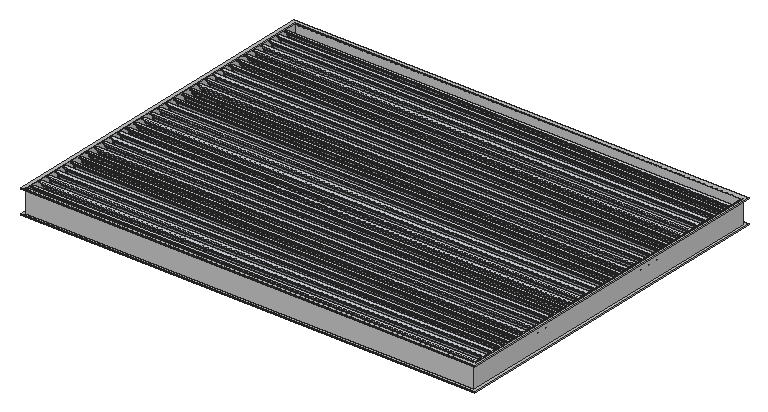
Revit family "Louver-Channel_Frame-Carnes-Wind_Driven_Rain-FRWB", category Air Terminals, host Face, Revit 2012
Parameters (values of type "(See Type Catalog)")
  ecoScorecard_data = ""
  ecoScorecard Product Page = "http://ecoscorecard.com/"
  Wall Thickness Cut [instance] = 0' - 10 125/128"
  URL = "http://www.carnes.com/index.html"
  Subcategory = "Louvers and Dampers"
  Specifications  URL = "http://www.carnes.com/Louvers/pdf/17141.pdf"
  Product Page URL = "http://www.carnes.com/Louvers/FRWB-FSWB.htm"
  Product Line = "Wind Driven Rain Louvers"
  Pressure Drop = 0.00 Pa
  Point of Water Penetration = 1250 FPM
  Outside Width = Louver Width Control + 0' 0 3/4" * 2  # 8' - 1 1/2"
  Outside Height = Louver Height Control + 0' 0 3/4" * 2  # 6' - 1 1/2"
  Model = "FRWB"
  Minimum Size = "12\"W x 12\"H"
  Meets Building Code Standards = "See Catalog URL"
  Maximum Size Note = "120\"W x 84\"H or 84\"W x 120\"H"
  Manufacturer = "Carnes Company"
  Louver Width Control = if(Louver Width < 1' 0", 1' 0", if(Louver Width > 10' 0", 10' 0", Louver Width))  # 8' - 0"
  Louver Height Control = if(Louver Height < 1' 0", 1' 0", if(Louver Height > 10' 0", 10' 0", Louver Height))  # 6' - 0"
  Free Area Note = "See Spec Sheet URL"
  Free Area = 0.00 SF
  Description = "Wind Driven Rain Louvers"
  Connector Description 1 = "Duct Connetor"
  Blades Quantity [instance] = (Louver Height Control - (Blade Offset from Frame - 0' 0 3/4")) / 0' 2 1/8"  # 33
  Manufacturer Phone = "608-845-6411"
  Manufacturer Fax = "608-845-6470"
  Manufacturer Email = "mailto:carnes@carnes.com"
  Manufacturer Address = "448 S. Main St., P. O. Box 930040, Verona, WI 53593-0040"
  Louver Width = 8' - 0"
  Louver Length = 0' - 5 13/128"
  Louver Height = 6' - 0"
  Blades Length [instance] = Louver Length - (0' 0.13" * 2)  # 0' - 4.84156"
  Frame Material = Aluminum - Carnes - Extruded
  Default Elevation = 4' - 0"
  Cost Info = "mailto:carnes@carnes.com"
  Catalog URL = "http://www.carnes.com/Louvers/pdf/f56-58.pdf"
  Symbol Blades Quantity = Louver Width / 0' 3" - (3 / 4 * 2)  # 31
  Blade Offset from Frame [instance] = 0' - 2 1/2"
  Blade Material = Aluminum - Carnes - Extruded
  Assembly Code = "D3090700"
  Airflow = 0 CFM
  95 CSI = "10200"
  04 CSI = "08 91 00"
Reference planes (in)
  plane 1 "Center (Elevation)": y = 0
  plane 2: z = 0
  plane 3 "Center (Left/Right)": x = 0
  plane 4 "Rear": z = -5.10156
  plane 5: z = -0.125
  plane 6: z = -4.97656
  plane 7: z = -2.55078
  plane 8: x = -48
  plane 9: x = 48
  plane 10: x = -48.75
  plane 11: x = 48.75
  plane 12: y = 36
  plane 13: y = -36
  plane 14: y = 36.75
  plane 15: y = -36.75
  plane 16 "Blade CL": y = 34.25
  plane 17: z = -10.97656
Forms (in)
  Extrusion 1, solid, material "Aluminum - Carnes - Extruded" <- "Frame Material"
    sketch origin (0, 0, 0) x (1, 0, 0) y (0, 1, 0)
      loop
        line (-48.75, 36.75) -> (-48.75, -36.75) -> (48.75, -36.75) -> (48.75, 36.75) -> (-48.75, 36.75)
      loop
        line (-48, 36) -> (-48, -36) -> (48, -36) -> (48, 36) -> (-48, 36)
    from -0.125 to 0
  Extrusion 2, solid, material "Aluminum - Carnes - Extruded" <- "Frame Material"
    sketch origin (0, 0, 0) x (1, 0, 0) y (0, 1, 0)
      loop
        line (-48.75, 36.75) -> (-48.75, -36.75) -> (48.75, -36.75) -> (48.75, 36.75) -> (-48.75, 36.75)
      loop
        line (-48, 36) -> (-48, -36) -> (48, -36) -> (48, 36) -> (-48, 36)
    from -5.10156 to -4.97656
  Extrusion 3, solid, material "Aluminum - Carnes - Extruded" <- "Frame Material"
    sketch origin (0, 0, 0) x (1, 0, 0) y (0, 1, 0)
      loop
        line (-48, 36) -> (-48, -36) -> (48, -36) -> (48, 36) -> (-48, 36)
      loop
        line (-48.125, 36.125) -> (-48.125, -36.125) -> (48.125, -36.125) -> (48.125, 36.125) -> (-48.125, 36.125)
    from -4.97656 to -0.125
  Sweep 4, void
    path origin (0, 0, 0) x (1, 0, 0) y (0, 0, 1)
      loop
        line (0, 0) -> (0, -10.97656)
    profile origin (0, 0, -5.48828) x (0, -1, 0) y (1, 0, 0)
      loop
        line (-36.75, -48.75) -> (36.75, -48.75) -> (36.75, 48.75) -> (-36.75, 48.75) -> (-36.75, -48.75)
Lines and regions (in)
  Masking region 1, detail levels coarse
    outline origin (0, 0, 0) x (1, 0, 0) y (0, 0, 1)
      loop
        line (48.75, 0) -> (-48.75, 0) -> (-48.75, -5.10156) -> (48.75, -5.10156) -> (48.75, 0)
  Masking region 2, detail levels medium+fine
    outline origin (0, 0, 0) x (1, 0, 0) y (0, 0, 1)
      loop
        line (48.75, 0) -> (-48.75, 0) -> (-48.75, -0.125) -> (-48.125, -0.125) -> (-48.125, -4.97656) -> (-48.75, -4.97656) -> (-48.75, -5.10156) -> (48.75, -5.10156) -> (48.75, -4.97656) -> (48.125, -4.97656) -> (48.125, -0.125) -> (48.75, -0.125) -> (48.75, 0)
  symbolic lines, detail levels fine
    curve 1: line (48.125, 0, -0.125) -> (-48.125, 0, -0.125)
    curve 2: line (48.125, 0, -4.97656) -> (-48.125, 0, -4.97656)
  symbolic lines
    curve 3: line (48, 0, -0.1875) -> (47.52861, 0, -0.1875)
    curve 4: line (44.96596, 0, -4.91406) -> (46.24728, 0, -2.55078)
    curve 5: line (46.24728, 0, -2.55078) -> (47.52861, 0, -0.1875)
    curve 6: line (44.96596, 0, -4.91406) -> (44.49457, 0, -4.91406)
    curve 7: line (45, 0, -0.1875) -> (44.52861, 0, -0.1875)
    curve 8: line (41.96596, 0, -4.91406) -> (43.24728, 0, -2.55078)
    curve 9: line (43.24728, 0, -2.55078) -> (44.52861, 0, -0.1875)
    curve 10: line (41.96596, 0, -4.91406) -> (41.49457, 0, -4.91406)
    curve 11: line (42, 0, -0.1875) -> (41.52861, 0, -0.1875)
    curve 12: line (38.96596, 0, -4.91406) -> (40.24728, 0, -2.55078)
    curve 13: line (40.24728, 0, -2.55078) -> (41.52861, 0, -0.1875)
    curve 14: line (38.96596, 0, -4.91406) -> (38.49457, 0, -4.91406)
    curve 15: line (39, 0, -0.1875) -> (38.52861, 0, -0.1875)
    curve 16: line (35.96596, 0, -4.91406) -> (37.24728, 0, -2.55078)
    curve 17: line (37.24728, 0, -2.55078) -> (38.52861, 0, -0.1875)
    curve 18: line (35.96596, 0, -4.91406) -> (35.49457, 0, -4.91406)
    curve 19: line (36, 0, -0.1875) -> (35.52861, 0, -0.1875)
    curve 20: line (32.96596, 0, -4.91406) -> (34.24728, 0, -2.55078)
    curve 21: line (34.24728, 0, -2.55078) -> (35.52861, 0, -0.1875)
    curve 22: line (32.96596, 0, -4.91406) -> (32.49457, 0, -4.91406)
    curve 23: line (33, 0, -0.1875) -> (32.52861, 0, -0.1875)
    curve 24: line (29.96596, 0, -4.91406) -> (31.24728, 0, -2.55078)
    curve 25: line (31.24728, 0, -2.55078) -> (32.52861, 0, -0.1875)
    curve 26: line (29.96596, 0, -4.91406) -> (29.49457, 0, -4.91406)
    curve 27: line (30, 0, -0.1875) -> (29.52861, 0, -0.1875)
    curve 28: line (26.96596, 0, -4.91406) -> (28.24728, 0, -2.55078)
    curve 29: line (28.24728, 0, -2.55078) -> (29.52861, 0, -0.1875)
    curve 30: line (26.96596, 0, -4.91406) -> (26.49457, 0, -4.91406)
    curve 31: line (27, 0, -0.1875) -> (26.52861, 0, -0.1875)
    curve 32: line (23.96596, 0, -4.91406) -> (25.24728, 0, -2.55078)
    curve 33: line (25.24728, 0, -2.55078) -> (26.52861, 0, -0.1875)
    curve 34: line (23.96596, 0, -4.91406) -> (23.49457, 0, -4.91406)
    curve 35: line (24, 0, -0.1875) -> (23.52861, 0, -0.1875)
    curve 36: line (20.96596, 0, -4.91406) -> (22.24728, 0, -2.55078)
    curve 37: line (22.24728, 0, -2.55078) -> (23.52861, 0, -0.1875)
    curve 38: line (20.96596, 0, -4.91406) -> (20.49457, 0, -4.91406)
    curve 39: line (21, 0, -0.1875) -> (20.52861, 0, -0.1875)
    curve 40: line (17.96596, 0, -4.91406) -> (19.24728, 0, -2.55078)
    curve 41: line (19.24728, 0, -2.55078) -> (20.52861, 0, -0.1875)
    curve 42: line (17.96596, 0, -4.91406) -> (17.49457, 0, -4.91406)
    curve 43: line (18, 0, -0.1875) -> (17.52861, 0, -0.1875)
    curve 44: line (14.96596, 0, -4.91406) -> (16.24728, 0, -2.55078)
    curve 45: line (16.24728, 0, -2.55078) -> (17.52861, 0, -0.1875)
    curve 46: line (14.96596, 0, -4.91406) -> (14.49457, 0, -4.91406)
    curve 47: line (15, 0, -0.1875) -> (14.52861, 0, -0.1875)
    curve 48: line (11.96596, 0, -4.91406) -> (13.24728, 0, -2.55078)
    curve 49: line (13.24728, 0, -2.55078) -> (14.52861, 0, -0.1875)
    curve 50: line (11.96596, 0, -4.91406) -> (11.49457, 0, -4.91406)
    curve 51: line (12, 0, -0.1875) -> (11.52861, 0, -0.1875)
    curve 52: line (8.96596, 0, -4.91406) -> (10.24728, 0, -2.55078)
    curve 53: line (10.24728, 0, -2.55078) -> (11.52861, 0, -0.1875)
    curve 54: line (8.96596, 0, -4.91406) -> (8.49457, 0, -4.91406)
    curve 55: line (9, 0, -0.1875) -> (8.52861, 0, -0.1875)
    curve 56: line (5.96596, 0, -4.91406) -> (7.24728, 0, -2.55078)
    curve 57: line (7.24728, 0, -2.55078) -> (8.52861, 0, -0.1875)
    curve 58: line (5.96596, 0, -4.91406) -> (5.49457, 0, -4.91406)
    curve 59: line (6, 0, -0.1875) -> (5.52861, 0, -0.1875)
    curve 60: line (2.96596, 0, -4.91406) -> (4.24728, 0, -2.55078)
    curve 61: line (4.24728, 0, -2.55078) -> (5.52861, 0, -0.1875)
    curve 62: line (2.96596, 0, -4.91406) -> (2.49457, 0, -4.91406)
    curve 63: line (3, 0, -0.1875) -> (2.52861, 0, -0.1875)
    curve 64: line (-0.03404, 0, -4.91406) -> (1.24728, 0, -2.55078)
    curve 65: line (1.24728, 0, -2.55078) -> (2.52861, 0, -0.1875)
    curve 66: line (-0.03404, 0, -4.91406) -> (-0.50543, 0, -4.91406)
    curve 67: line (0, 0, -0.1875) -> (-0.47139, 0, -0.1875)
    curve 68: line (-3.03404, 0, -4.91406) -> (-1.75272, 0, -2.55078)
    curve 69: line (-1.75272, 0, -2.55078) -> (-0.47139, 0, -0.1875)
    curve 70: line (-3.03404, 0, -4.91406) -> (-3.50543, 0, -4.91406)
    curve 71: line (-3, 0, -0.1875) -> (-3.47139, 0, -0.1875)
    curve 72: line (-6.03404, 0, -4.91406) -> (-4.75272, 0, -2.55078)
    curve 73: line (-4.75272, 0, -2.55078) -> (-3.47139, 0, -0.1875)
    curve 74: line (-6.03404, 0, -4.91406) -> (-6.50543, 0, -4.91406)
    curve 75: line (-6, 0, -0.1875) -> (-6.47139, 0, -0.1875)
    curve 76: line (-9.03404, 0, -4.91406) -> (-7.75272, 0, -2.55078)
    curve 77: line (-7.75272, 0, -2.55078) -> (-6.47139, 0, -0.1875)
    curve 78: line (-9.03404, 0, -4.91406) -> (-9.50543, 0, -4.91406)
    curve 79: line (-9, 0, -0.1875) -> (-9.47139, 0, -0.1875)
    curve 80: line (-12.03404, 0, -4.91406) -> (-10.75272, 0, -2.55078)
    curve 81: line (-10.75272, 0, -2.55078) -> (-9.47139, 0, -0.1875)
    curve 82: line (-12.03404, 0, -4.91406) -> (-12.50543, 0, -4.91406)
    curve 83: line (-12, 0, -0.1875) -> (-12.47139, 0, -0.1875)
    curve 84: line (-15.03404, 0, -4.91406) -> (-13.75272, 0, -2.55078)
    curve 85: line (-13.75272, 0, -2.55078) -> (-12.47139, 0, -0.1875)
    curve 86: line (-15.03404, 0, -4.91406) -> (-15.50543, 0, -4.91406)
    curve 87: line (-15, 0, -0.1875) -> (-15.47139, 0, -0.1875)
    curve 88: line (-18.03404, 0, -4.91406) -> (-16.75272, 0, -2.55078)
    curve 89: line (-16.75272, 0, -2.55078) -> (-15.47139, 0, -0.1875)
    curve 90: line (-18.03404, 0, -4.91406) -> (-18.50543, 0, -4.91406)
    curve 91: line (-18, 0, -0.1875) -> (-18.47139, 0, -0.1875)
    curve 92: line (-21.03404, 0, -4.91406) -> (-19.75272, 0, -2.55078)
    curve 93: line (-19.75272, 0, -2.55078) -> (-18.47139, 0, -0.1875)
    curve 94: line (-21.03404, 0, -4.91406) -> (-21.50543, 0, -4.91406)
    curve 95: line (-21, 0, -0.1875) -> (-21.47139, 0, -0.1875)
    curve 96: line (-24.03404, 0, -4.91406) -> (-22.75272, 0, -2.55078)
    curve 97: line (-22.75272, 0, -2.55078) -> (-21.47139, 0, -0.1875)
    curve 98: line (-24.03404, 0, -4.91406) -> (-24.50543, 0, -4.91406)
    curve 99: line (-24, 0, -0.1875) -> (-24.47139, 0, -0.1875)
    curve 100: line (-27.03404, 0, -4.91406) -> (-25.75272, 0, -2.55078)
    curve 101: line (-25.75272, 0, -2.55078) -> (-24.47139, 0, -0.1875)
    curve 102: line (-27.03404, 0, -4.91406) -> (-27.50543, 0, -4.91406)
    curve 103: line (-27, 0, -0.1875) -> (-27.47139, 0, -0.1875)
    curve 104: line (-30.03404, 0, -4.91406) -> (-28.75272, 0, -2.55078)
    curve 105: line (-28.75272, 0, -2.55078) -> (-27.47139, 0, -0.1875)
    curve 106: line (-30.03404, 0, -4.91406) -> (-30.50543, 0, -4.91406)
    curve 107: line (-30, 0, -0.1875) -> (-30.47139, 0, -0.1875)
    curve 108: line (-33.03404, 0, -4.91406) -> (-31.75272, 0, -2.55078)
    curve 109: line (-31.75272, 0, -2.55078) -> (-30.47139, 0, -0.1875)
    curve 110: line (-33.03404, 0, -4.91406) -> (-33.50543, 0, -4.91406)
    curve 111: line (-33, 0, -0.1875) -> (-33.47139, 0, -0.1875)
    curve 112: line (-36.03404, 0, -4.91406) -> (-34.75272, 0, -2.55078)
    curve 113: line (-34.75272, 0, -2.55078) -> (-33.47139, 0, -0.1875)
    curve 114: line (-36.03404, 0, -4.91406) -> (-36.50543, 0, -4.91406)
    curve 115: line (-36, 0, -0.1875) -> (-36.47139, 0, -0.1875)
    curve 116: line (-39.03404, 0, -4.91406) -> (-37.75272, 0, -2.55078)
    curve 117: line (-37.75272, 0, -2.55078) -> (-36.47139, 0, -0.1875)
    curve 118: line (-39.03404, 0, -4.91406) -> (-39.50543, 0, -4.91406)
    curve 119: line (-39, 0, -0.1875) -> (-39.47139, 0, -0.1875)
    curve 120: line (-42.03404, 0, -4.91406) -> (-40.75272, 0, -2.55078)
    curve 121: line (-40.75272, 0, -2.55078) -> (-39.47139, 0, -0.1875)
    curve 122: line (-42.03404, 0, -4.91406) -> (-42.50543, 0, -4.91406)
    curve 123: line (-42, 0, -0.1875) -> (-42.47139, 0, -0.1875)
    curve 124: line (-45.03404, 0, -4.91406) -> (-43.75272, 0, -2.55078)
    curve 125: line (-43.75272, 0, -2.55078) -> (-42.47139, 0, -0.1875)
    curve 126: line (-45.03404, 0, -4.91406) -> (-45.50543, 0, -4.91406)
Dimensions and locks (in)
  equal spacing: plane 15, plane 1 "Center (Elevation)", plane 14
  locked: plane 2 to plane 5 at 0.125
  locked: plane 6 to plane 4 "Rear" at 0.125
  "Louver Length": plane 2 to plane 4 "Rear"
  equal spacing: plane 5, plane 7, plane 6
  "Blade Offset from Frame": plane 14 to plane 16 "Blade CL"
  "Outside Height": plane 14 to plane 15
  equal spacing: plane 8, plane 3 "Center (Left/Right)", plane 9
  "Louver Width Control": plane 8 to plane 9
  equal spacing: plane 10, plane 3 "Center (Left/Right)", plane 11
  "Outside Width": plane 10 to plane 11
  equal spacing: plane 13, plane 1 "Center (Elevation)", plane 12
  "Louver Height Control": plane 13 to plane 12
  locked: curve 3 to plane 5 at 0.0625
  equal spacing: group 1, group 2, group 3, group 4, group 5, group 6, group 7, group 8, group 9, group 10, group 11, group 12, group 13, group 14, group 15, group 16, group 17, group 18, group 19, group 20, group 21, group 22, group 23, group 24, group 25, group 26, group 27, group 28, group 29, group 30, group 31, group 32, group 33  (x2)
  equal spacing: group 33, group 32, group 31, group 30, group 29, group 28, group 27, group 26, group 25, group 24, group 23, group 22, group 21, group 20, group 19, group 18, group 17, group 16, group 15, group 14, group 13, group 12, group 11, group 10, group 9, group 8, group 7, group 6, group 5, group 4, group 3, group 2, group 1
  locked: nested 1 to nested 2 at 2.125
  locked: plane 5 to nested 33 at 0.03168
  locked: plane 5 to nested 1 at 0.03168
  "Wall Thickness Cut": plane 2 to plane 17
  locked: curve 6 to plane 11 at 4.25543
  locked: curve 5 to plane 11 at 2.50272
  locked: plane 6 to curve 6 at 0.0625
  equal spacing: group 64, group 63, group 62, group 61, group 60, group 59, group 58, group 57, group 56, group 55, group 54, group 53, group 52, group 51, group 50, group 49, group 48, group 47, group 46, group 45, group 44, group 43, group 42, group 41, group 40, group 39, group 38, group 37, group 36, group 35, group 34
  equal spacing: group 34, group 35, group 36, group 37, group 38, group 39, group 40, group 41, group 42, group 43, group 44, group 45, group 46, group 47, group 48, group 49, group 50, group 51, group 52, group 53, group 54, group 55, group 56, group 57, group 58, group 59, group 60, group 61, group 62, group 63, group 64  (x2)
  locked: curve 5 to curve 9 at 3
  locked: curve 123 to plane 5 at 0.0625
  locked: plane 6 to curve 126 at 0.0625
  aligned and locked: plane 2 to host face
  aligned and locked: host face to level
  aligned and locked: plane 10 to Extrusion 1 sketch curve
  aligned and locked: Extrusion 1 sketch curve to plane 14
  aligned and locked: plane 15 to Extrusion 1 sketch curve
  aligned and locked: plane 11 to Extrusion 1 sketch curve
  aligned and locked: plane 8 to Extrusion 1 sketch curve
  aligned and locked: Extrusion 1 sketch curve to plane 12
  aligned and locked: plane 13 to Extrusion 1 sketch curve
  aligned and locked: plane 9 to Extrusion 1 sketch curve
  aligned and locked: Extrusion 1 to plane 5
  aligned and locked: plane 2 to Extrusion 1
  aligned and locked: Extrusion 2 sketch curve to Extrusion 1  (x6)
  aligned and locked: Extrusion 1 to Extrusion 2 sketch curve  (x2)
  aligned and locked: plane 6 to Extrusion 2
  aligned and locked: Extrusion 2 to plane 4 "Rear"
  aligned and locked: plane 8 to Extrusion 3 sketch curve
  aligned and locked: Extrusion 3 sketch curve to Extrusion 1  (x3)
  aligned and locked: plane 5 to Extrusion 3
  aligned and locked: Extrusion 3 to plane 6
  aligned and locked: plane 11 to Masking region 1 sketch curve
  aligned and locked: Masking region 1 sketch curve to plane 2
  aligned and locked: plane 4 "Rear" to Masking region 1 sketch curve
  aligned and locked: plane 10 to Masking region 1 sketch curve
  aligned and locked: Masking region 2 sketch curve to level
  aligned and locked: Masking region 2 sketch curve to plane 11  (x2)
  aligned and locked: plane 5 to Masking region 2 sketch curve  (x2)
  aligned and locked: Masking region 2 sketch curve to Extrusion 3  (x2)
  aligned and locked: plane 6 to Masking region 2 sketch curve  (x2)
  aligned and locked: plane 4 "Rear" to Masking region 2 sketch curve
  aligned and locked: Masking region 2 sketch curve to plane 10  (x2)
  aligned and locked: Extrusion 3 to curve 1  (x2)
  aligned and locked: curve 1 to plane 5
  aligned and locked: Extrusion 3 to curve 2  (x2)
  aligned and locked: curve 2 to plane 6
  aligned and locked: plane 7 to nested 1
  aligned and locked: plane 16 "Blade CL" to nested 1
  aligned and locked: plane 2 to Sweep 4 sketch curve
  aligned and locked: plane 17 to Sweep 4 sketch curve
  aligned and locked: Sweep 4 sketch curve to plane 3 "Center (Left/Right)"
  aligned and locked: plane 10 to Sweep 4 sketch curve
  aligned and locked: plane 11 to Sweep 4 sketch curve
  aligned and locked: Sweep 4 sketch curve to plane 14
  aligned and locked: Sweep 4 sketch curve to plane 15
Automatic sketch dimensions
  host sketch curve to host sketch curve = 10' - 2.28147"
  host sketch curve to host sketch curve = 14' - 5.35151"
  curve 4 to curve 5 = 0' - 2.68829"  (x4)
  curve 3 to curve 3 = 0' - 0.47139"
  Extrusion 3 sketch curve to plane 8 = 0' - 0 1/8"
  Extrusion 3 sketch curve to plane 9 = 0' - 0 1/8"
  plane 13 to Extrusion 3 sketch curve = 0' - 0 1/8"
  plane 12 to Extrusion 3 sketch curve = 0' - 0 1/8"
Nested families (in)
  nested 1: "Louver_Blade-Carnes" at (0, 29.38021, -2.55078) x (-1, 0, 0) z (0, 0, 1), type "Standard"
    with Width 8' - 0", Length 0' - 4.84156"
  nested 2: "Louver_Blade-Carnes" at (0, 27.25521, -2.55078) x (-1, 0, 0) z (0, 0, 1), type "Standard"
    with Width 8' - 0", Length 0' - 4.84156"
  nested 3: "Louver_Blade-Carnes" at (0, 25.13021, -2.55078) x (-1, 0, 0) z (0, 0, 1), type "Standard"
    with Width 8' - 0", Length 0' - 4.84156"
  nested 4: "Louver_Blade-Carnes" at (0, 23.00521, -2.55078) x (-1, 0, 0) z (0, 0, 1), type "Standard"
    with Width 8' - 0", Length 0' - 4.84156"
  nested 5: "Louver_Blade-Carnes" at (0, 20.88021, -2.55078) x (-1, 0, 0) z (0, 0, 1), type "Standard"
    with Width 8' - 0", Length 0' - 4.84156"
  nested 6: "Louver_Blade-Carnes" at (0, 18.75521, -2.55078) x (-1, 0, 0) z (0, 0, 1), type "Standard"
    with Width 8' - 0", Length 0' - 4.84156"
  nested 7: "Louver_Blade-Carnes" at (0, 16.63021, -2.55078) x (-1, 0, 0) z (0, 0, 1), type "Standard"
    with Width 8' - 0", Length 0' - 4.84156"
  nested 8: "Louver_Blade-Carnes" at (0, 14.50521, -2.55078) x (-1, 0, 0) z (0, 0, 1), type "Standard"
    with Width 8' - 0", Length 0' - 4.84156"
  nested 9: "Louver_Blade-Carnes" at (0, 12.38021, -2.55078) x (-1, 0, 0) z (0, 0, 1), type "Standard"
    with Width 8' - 0", Length 0' - 4.84156"
  nested 10: "Louver_Blade-Carnes" at (0, 10.25521, -2.55078) x (-1, 0, 0) z (0, 0, 1), type "Standard"
    with Width 8' - 0", Length 0' - 4.84156"
  nested 11: "Louver_Blade-Carnes" at (0, 8.13021, -2.55078) x (-1, 0, 0) z (0, 0, 1), type "Standard"
    with Width 8' - 0", Length 0' - 4.84156"
  nested 12: "Louver_Blade-Carnes" at (0, 6.00521, -2.55078) x (-1, 0, 0) z (0, 0, 1), type "Standard"
    with Width 8' - 0", Length 0' - 4.84156"
  nested 13: "Louver_Blade-Carnes" at (0, 3.88021, -2.55078) x (-1, 0, 0) z (0, 0, 1), type "Standard"
    with Width 8' - 0", Length 0' - 4.84156"
  nested 14: "Louver_Blade-Carnes" at (0, 1.75521, -2.55078) x (-1, 0, 0) z (0, 0, 1), type "Standard"
    with Width 8' - 0", Length 0' - 4.84156"
  nested 15: "Louver_Blade-Carnes" at (0, -0.36979, -2.55078) x (-1, 0, 0) z (0, 0, 1), type "Standard"
    with Width 8' - 0", Length 0' - 4.84156"
  nested 16: "Louver_Blade-Carnes" at (0, -2.49479, -2.55078) x (-1, 0, 0) z (0, 0, 1), type "Standard"
    with Width 8' - 0", Length 0' - 4.84156"
  nested 17: "Louver_Blade-Carnes" at (0, -4.61979, -2.55078) x (-1, 0, 0) z (0, 0, 1), type "Standard"
    with Width 8' - 0", Length 0' - 4.84156"
  nested 18: "Louver_Blade-Carnes" at (0, -6.74479, -2.55078) x (-1, 0, 0) z (0, 0, 1), type "Standard"
    with Width 8' - 0", Length 0' - 4.84156"
  nested 19: "Louver_Blade-Carnes" at (0, -8.86979, -2.55078) x (-1, 0, 0) z (0, 0, 1), type "Standard"
    with Width 8' - 0", Length 0' - 4.84156"
  nested 20: "Louver_Blade-Carnes" at (0, -10.99479, -2.55078) x (-1, 0, 0) z (0, 0, 1), type "Standard"
    with Width 8' - 0", Length 0' - 4.84156"
  nested 21: "Louver_Blade-Carnes" at (0, -13.11979, -2.55078) x (-1, 0, 0) z (0, 0, 1), type "Standard"
    with Width 8' - 0", Length 0' - 4.84156"
  nested 22: "Louver_Blade-Carnes" at (0, -15.24479, -2.55078) x (-1, 0, 0) z (0, 0, 1), type "Standard"
    with Width 8' - 0", Length 0' - 4.84156"
  nested 23: "Louver_Blade-Carnes" at (0, -17.36979, -2.55078) x (-1, 0, 0) z (0, 0, 1), type "Standard"
    with Width 8' - 0", Length 0' - 4.84156"
  nested 24: "Louver_Blade-Carnes" at (0, -19.49479, -2.55078) x (-1, 0, 0) z (0, 0, 1), type "Standard"
    with Width 8' - 0", Length 0' - 4.84156"
  nested 25: "Louver_Blade-Carnes" at (0, -21.61979, -2.55078) x (-1, 0, 0) z (0, 0, 1), type "Standard"
    with Width 8' - 0", Length 0' - 4.84156"
  nested 26: "Louver_Blade-Carnes" at (0, -23.74479, -2.55078) x (-1, 0, 0) z (0, 0, 1), type "Standard"
    with Width 8' - 0", Length 0' - 4.84156"
  nested 27: "Louver_Blade-Carnes" at (0, -25.86979, -2.55078) x (-1, 0, 0) z (0, 0, 1), type "Standard"
    with Width 8' - 0", Length 0' - 4.84156"
  nested 28: "Louver_Blade-Carnes" at (0, -27.99479, -2.55078) x (-1, 0, 0) z (0, 0, 1), type "Standard"
    with Width 8' - 0", Length 0' - 4.84156"
  nested 29: "Louver_Blade-Carnes" at (0, -30.11979, -2.55078) x (-1, 0, 0) z (0, 0, 1), type "Standard"
    with Width 8' - 0", Length 0' - 4.84156"
  nested 30: "Louver_Blade-Carnes" at (0, -32.24479, -2.55078) x (-1, 0, 0) z (0, 0, 1), type "Standard"
    with Width 8' - 0", Length 0' - 4.84156"
  nested 31: "Louver_Blade-Carnes" at (0, -34.36979, -2.55078) x (-1, 0, 0) z (0, 0, 1), type "Standard"
    with Width 8' - 0", Length 0' - 4.84156"
  nested 32: "Louver_Blade-Carnes" at (0, -36.49479, -2.55078) x (-1, 0, 0) z (0, 0, 1), type "Standard"
    with Width 8' - 0", Length 0' - 4.84156"
  nested 33: "Louver_Blade-Carnes" at (0, -38.61979, -2.55078) x (-1, 0, 0) z (0, 0, 1), type "Standard"
    with Width 8' - 0", Length 0' - 4.84156"
Connectors (in)
  hvac at (0, 0, -5.10156), driven by "Louver Height Control", driven by "Louver Width Control", driven by "Connector Description 1", driven by "Airflow", driven by "Pressure Drop"
    settings: on Extrusion 2, index 1, duct flow 0 CFM, flow factor 0, pres drop 0.00 Pa, loss coef 0, conn angle 0.00°, conn width 96", conn height 72", conn radius 12", duct sys type 29, conn prof type 1, flow config 0, flow direction 0, loss method 4, conn ref index -1, conn util no, is conn primary yes, conn desc "Duct Connetor"
Definition of nested family "Louver_Blade-Carnes"
  Parameters (values of type "Standard")
    Width = 6' - 0"
    Blade Material = Aluminum - Carnes - Extruded
    Length = 0' - 5.1"
    Assembly Code = ""
  Reference planes (in)
    plane 1 "Center (Front/Back)": y = -4.86979
    plane 2: z = 0
    plane 3 "Center (Left/Right)": x = 0
    plane 4: y = -2.31979
    plane 5: z = 2.55
    plane 6: z = -2.55
    plane 7: x = -36
    plane 8: x = 36
    plane 9: y = -7.41979
  Forms (in)
    Sweep 1, solid
      path origin (0, -4.77593, 4.77128) x (1, 0, 0) y (0, 0, 1)
        loop
          line (36, -4.86979) -> (-36, -4.86979)
      profile origin (0, -4.77593, -0.0985) x (0, 0, -1) y (0, -1, 0)
        loop
          line (2.30025, -1.21252) -> (2.30025, -0.63331)
          arc (2.30025, -0.63331) -> (2.23314, -0.46286) -> (2.06784, -0.38393) r 0.25
          arc (2.06784, -0.38393) -> (1.12104, -0.02063) -> (0.53802, 0.80913) r 1.7385
          arc (0.53802, 0.80913) -> (0.04782, 1.20512) -> (-0.514, 0.9197) r 0.57957
          line (-0.514, 0.9197) -> (-0.46992, 0.87562)
          arc (-0.46992, 0.87562) -> (0.03359, 1.14623) -> (0.481, 0.79045) r 0.51957
          arc (0.481, 0.79045) -> (0.58859, 0.53199) -> (0.73498, 0.29335) r 1.7985
          line (0.73498, 0.29335) -> (0.80738, 0.19367) -> (0.66627, 0.25528)
          arc (0.66627, 0.25528) -> (0.2198, 0.43981) -> (-0.26021, 0.49445) r 1.73978
          arc (-0.26021, 0.49445) -> (-0.392, 0.4737) -> (-0.514, 0.4197) r 0.51358
          arc (-0.514, 0.4197) -> (-0.90354, 0.15027) -> (-1.2592, -0.16252) r 4.07627
          arc (-1.2592, -0.16252) -> (-1.42208, -0.27697) -> (-1.60569, -0.35387) r 0.92393
          arc (-1.60569, -0.35387) -> (-2.10521, -0.63559) -> (-2.43261, -1.10643) r 1.28616
          line (-2.43261, -1.10643) -> (-2.43261, -0.52026) -> (-2.49261, -0.52026) -> (-2.49261, -1.21279) -> (-2.40725, -1.21279)
          arc (-2.40725, -1.21279) -> (-2.09728, -0.7106) -> (-1.58861, -0.41138) r 1.22616
          arc (-1.58861, -0.41138) -> (-1.39229, -0.32905) -> (-1.21827, -0.20642) r 0.98393
          arc (-1.21827, -0.20642) -> (-0.86729, 0.10246) -> (-0.48279, 0.36845) r 4.01627
          arc (-0.48279, 0.36845) -> (-0.37505, 0.41614) -> (-0.25866, 0.43447) r 0.45358
          arc (-0.25866, 0.43447) -> (0.2413, 0.37186) -> (0.70019, 0.16379) r 1.67978
          line (0.70019, 0.16379) -> (1.51339, -0.31605)
          arc (1.51339, -0.31605) -> (1.78346, -0.40165) -> (2.06361, -0.44378) r 1.7985
          arc (2.06361, -0.44378) -> (2.18924, -0.50377) -> (2.24025, -0.63331) r 0.19
          line (2.24025, -0.63331) -> (2.24025, -1.21252) -> (2.30025, -1.21252)
  Dimensions and locks (in)
    equal spacing: plane 4, plane 1 "Center (Front/Back)", plane 9
    "Length": plane 4 to plane 9
    equal spacing: plane 7, plane 3 "Center (Left/Right)", plane 8
    equal spacing: plane 5, plane 2, plane 6
    "Length": plane 5 to plane 6
    "Width": plane 7 to plane 8
    aligned and locked: plane 7 to Sweep 1 sketch curve
    aligned and locked: plane 8 to Sweep 1 sketch curve
  Automatic sketch dimensions
    Sweep 1 sketch curve to level = 0' - 0.0985"
    Sweep 1 sketch curve to Sweep 1 sketch curve = 0' - 0"  (x31)
    Sweep 1 sketch curve to profile plane = 0' - 0.52026"
    profile plane to Sweep 1 sketch curve = 0' - 2.49261"
    Sweep 1 sketch curve to Sweep 1 sketch curve = 0' - 0.06"
    Sweep 1 sketch curve to Sweep 1 sketch curve = 0' - 0.08536"
    profile plane to Sweep 1 sketch curve = 0' - 0.53183"
    Sweep 1 sketch curve to Sweep 1 sketch curve = 0' - 0.56388"
    Sweep 1 sketch curve to profile plane = 0' - 0.35387"
    Sweep 1 sketch curve to Sweep 1 sketch curve = 0' - 0.82692"
    Sweep 1 sketch curve to Sweep 1 sketch curve = 0' - 0.01708"
    Sweep 1 sketch curve to profile plane = 0' - 0.16252"
    Sweep 1 sketch curve to Sweep 1 sketch curve = 0' - 0.34908"
    Sweep 1 sketch curve to Sweep 1 sketch curve = 0' - 0.04094"
    profile plane to Sweep 1 sketch curve = 0' - 0.514"
    Sweep 1 sketch curve to Sweep 1 sketch curve = 0' - 0.03121"
    Sweep 1 sketch curve to Sweep 1 sketch curve = 0' - 0.04408"
    Sweep 1 sketch curve to Sweep 1 sketch curve = 0' - 0.22258"
    Sweep 1 sketch curve to Sweep 1 sketch curve = 0' - 0.00156"
    profile plane to Sweep 1 sketch curve = 0' - 0.21507"
    profile plane to Sweep 1 sketch curve = 0' - 0.01276"
    Sweep 1 sketch curve to profile plane = 0' - 0.481"
    Sweep 1 sketch curve to Sweep 1 sketch curve = 0' - 0.05702"
    profile plane to Sweep 1 sketch curve = 0' - 0.25528"
    Sweep 1 sketch curve to Sweep 1 sketch curve = 0' - 0.18527"
    Sweep 1 sketch curve to Sweep 1 sketch curve = 0' - 0.03392"
    profile plane to Sweep 1 sketch curve = 0' - 0.29335"
    Sweep 1 sketch curve to Sweep 1 sketch curve = 0' - 0.06871"
    profile plane to Sweep 1 sketch curve = 0' - 0.19367"
    Sweep 1 sketch curve to Sweep 1 sketch curve = 0' - 0.10719"
    Sweep 1 sketch curve to profile plane = 0' - 0.31605"
    Sweep 1 sketch curve to Sweep 1 sketch curve = 0' - 0.70601"
    Sweep 1 sketch curve to Sweep 1 sketch curve = 0' - 0.53686"
    Sweep 1 sketch curve to Sweep 1 sketch curve = 0' - 0.01337"
    Sweep 1 sketch curve to Sweep 1 sketch curve = 0' - 0.00422"
    Sweep 1 sketch curve to Sweep 1 sketch curve = 0' - 1.65214"
    Sweep 1 sketch curve to Sweep 1 sketch curve = 0' - 0.57921"
